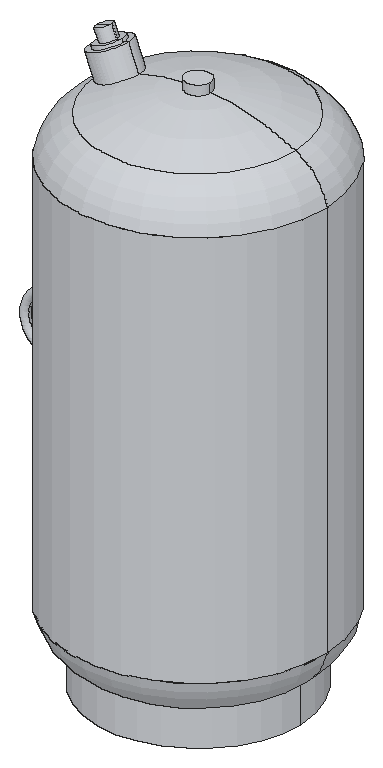
Revit family
Parameters (values of type "ST-60V-C 150# W.P. 10 BAR")
  Weight = "85 lbs"
  Tank Volume = "25 Gal"
  Tank Only = 32.563"
  Tank Height/Length = 33.688"
  Tank Diameter = 16.250"
  Pipe Connector Diameter = Pipe Connection Radius * 2  # 0.750"
  Pipe Connection Radius = 0.375"
  Model = "ST-60V-C"
  Maximum Acceptance Volume = "11.25 Gal"
  Max Operating Temp = "240 DEG F"
  Max Operating Pressure = "150 PSI"
  Manufacturer = "Amtrol"
  Lifting Ring Location = Tank Only / 2  # 16.2815"
  Bladder/Diaphragm = "Diaphragm"
  ASME = yes
Types (8): name | Weight | Tank Volume | Tank Only | Tank Height/Length | Model | Maximum Acceptance Volume | Max Operating Pressure | Lifting Ring Location
  (no name) | "85 lbs" | "25 Gal" | 32.563" | 33.688" | "ST-60V-C" | "11.25 Gal" | "150 PSI" | 16.2815"
  ST-60V-C 150# W.P. 10 BAR | "85 lbs" | "25 Gal" | 32.563" | 33.688" | "ST-60V-C" | "11.25 Gal" | "150 PSI" | 16.2815"
  ST-60V-C 175# W.P. | "115 lbs" | "25 Gal" | 32.563" | 33.688" | "ST-60V-C" | "11.25 Gal" | "175 PSI" | 16.2815"
  ST-60V-C 250# W.P. | "154 lbs" | "25 Gal" | 32.563" | 33.688" | "ST-60V-C" | "11.25 Gal" | "250 PSI" | 16.2815"
  ST-60V-C 300# W.P. | "154 lbs" | "25 Gal" | 32.563" | 33.688" | "ST-60V-C" | "11.25 Gal" | "300 PSI" | 16.2815"
  ST-70V-C 150# W.P. 10 BAR | "99 lbs" | "34 Gal" | 41.000" | 42.375" | "ST-70V-C" | "11.22 Gal" | "150 PSI" | 20.500"
  ST-70V-C 175# W.P. | "129 lbs" | "34 Gal" | 41.000" | 42.375" | "ST-70V-C" | "11.22 Gal" | "175PSI" | 20.500"
  ST-70V-C 250# W.P. | "160 lbs" | "34 Gal" | 41.000" | 42.375" | "ST-70V-C" | "11.22 Gal" | "250 PSI" | 20.500"
Reference planes (in)
  plane 1 "Center (Front/Back)": y = 1.73013
  plane 2: z = 0
  plane 3 "Center (Left/Right)": x = 0.75265
Forms (in)
  Revolve 1, solid
    sketch origin (0, 1.73013, 0) x (1, 0, 0) y (0, 0, 1)
      loop
        line (0.75265, 33.19752) -> (0.75265, 0.63452)
        arc (0.75265, 0.63452) -> (3.879, 1.01029) -> (6.84228, 2.07526) r 14
        arc (6.84228, 2.07526) -> (8.09271, 3.08951) -> (8.78106, 4.54499) r 3.62771
        line (8.78106, 4.54499) -> (8.78106, 29.31274)
        arc (8.78106, 29.31274) -> (8.0807, 30.75738) -> (6.82983, 31.76376) r 3.66308
        arc (6.82983, 31.76376) -> (3.87219, 32.82377) -> (0.75265, 33.19752) r 14
      axis (0.75265, 0.63452) -> (0.75265, 33.19752)
    angle from 0 to 360
  Revolve 2, solid
    sketch origin (0, 1.73013, 0) x (1, 0, 0) y (0, 0, 1)
      loop
        line (-5.62235, 0) -> (-5.51212, 0) -> (-5.51212, 3.13902) -> (-5.62235, 3.13902) -> (-5.62235, 0)
      axis (0.75265, 0) -> (0.75265, 3.13902)
    angle from 0 to 360
  Revolve 3, solid
    sketch origin (0, 1.73013, 0) x (1, 0, 0) y (0, 0, 1)
      loop
        line (-5.07057, 34.62613) -> (-3.95846, 31.87355) -> (-2.7839, 32.3481) -> (-3.53312, 34.20247) -> (-3.87502, 34.06433) -> (-3.94525, 34.23818) -> (-4.31432, 34.08907) -> (-4.60698, 34.81343) -> (-5.07057, 34.62613)
      axis (-5.07057, 34.62613) -> (-3.95846, 31.87355)
    angle from 0 to 360
  Sweep 4, solid
    path origin (0, 1.73013, 0) x (1, 0, 0) y (0, 0, 1)
      loop
        line (0.75265, 33.09938) -> (0.75265, 33.688)
    profile origin (0.75265, 1.73013, 33.39369) x (-1, 0, 0) y (0, -1, 0)
      loop
        circle (0, 0) r 0.75
  Sweep 5, solid
    path origin (0, 1.73013, 0) x (1, 0, 0) y (0, 0, 1)
      loop
        line (-7.22429, 18.66968) -> (-8.22429, 18.66968)
        arc (-8.22429, 18.66968) -> (-9.97429, 16.91968) -> (-8.22429, 15.16968) r 1.75
        line (-8.22429, 15.16968) -> (-7.22429, 15.16968)
    profile origin (-7.72429, 1.73013, 18.66968) x (0, 0, -1) y (0, -1, 0)
      loop
        circle (0, 0) r 0.25
Lines and regions (in)
  reference lines
    curve 1: line (0.75265, 1.73013, 0.63818) -> (0.33062, 1.73013, 0.63818)
Dimensions and locks (in)
  "Tank Only": Revolve 1 sketch curve to Revolve 1 sketch curve
  Revolve 1 sketch curve to Revolve 1 sketch curve = 10.33692"
  Revolve 1 sketch curve to level = 0.63452"
  Revolve 3 sketch curve to Revolve 1 = 2.56081"
  Revolve 3 sketch curve to Revolve 1 = 3.03536"
  Revolve 3 sketch curve to Revolve 3 sketch curve = 2.000"
  Revolve 3 sketch curve to Revolve 3 sketch curve = 2.1875"
  Revolve 3 sketch curve to Revolve 3 sketch curve = 2.96875"
  Sweep 4 sketch curve to Revolve 1 = 3.78664"
  "Tank Height/Length": Sweep 4 sketch curve to Revolve 2
  "Lifting Ring Location": Sweep 5 sketch curve to curve 1
  radius of Revolve 1 sketch curve = 14.000"
  radius of Revolve 1 sketch curve = 3.66308"
  aligned and locked: import instance to plane 1 "Center (Front/Back)"
Automatic sketch dimensions
  Revolve 1 sketch curve to plane 3 "Center (Left/Right)" = 0.000"  (x2)
  Revolve 1 sketch curve to level = 0.000"
  Revolve 1 sketch curve to plane 3 "Center (Left/Right)" = 0.09515"
  Revolve 1 sketch curve to plane 3 "Center (Left/Right)" = 0.09693"
  plane 3 "Center (Left/Right)" to Revolve 1 sketch curve = 4.4622"
  plane 3 "Center (Left/Right)" to Revolve 1 sketch curve = 4.48656"
  level to Revolve 1 sketch curve = 2.07526"
  Revolve 1 sketch curve to Revolve 1 sketch curve = 1.60307"
  Revolve 1 sketch curve to Revolve 1 sketch curve = 0.000"
  Revolve 1 sketch curve to Revolve 1 sketch curve = 1.93878"
  Revolve 1 sketch curve to Revolve 1 sketch curve = 2.92748"
  Revolve 2 sketch curve to level = 0.000"  (x2)
  Revolve 2 sketch curve to plane 3 "Center (Left/Right)" = 0.000"
  Revolve 2 sketch curve to plane 3 "Center (Left/Right)" = 6.26477"
  Revolve 2 sketch curve to Revolve 2 sketch curve = 0.11023"
  Revolve 2 sketch curve to Revolve 2 sketch curve = 3.13902"
  Revolve 2 sketch curve to Revolve 2 sketch curve = 4.54499"
  Revolve 3 sketch curve to plane 3 "Center (Left/Right)" = 5.82322"
  Revolve 3 sketch curve to Revolve 3 sketch curve = 0.000"  (x2)
  Revolve 3 sketch curve to Revolve 3 sketch curve = 0.35586"
  Revolve 3 sketch curve to Revolve 3 sketch curve = 0.07024"
  Revolve 3 sketch curve to Revolve 3 sketch curve = 0.10536"
  Revolve 3 sketch curve to Revolve 3 sketch curve = 0.3419"
  Revolve 3 sketch curve to Revolve 3 sketch curve = 0.26077"
  Sweep 4 sketch curve to plane 3 "Center (Left/Right)" = 0.000"
  plane 1 "Center (Front/Back)" to Sweep 4 sketch curve = 0.000"
  Sweep 4 sketch curve to profile plane = 0.000"
  Sweep 5 sketch curve to plane 3 "Center (Left/Right)" = 8.97694"
  Sweep 5 sketch curve to Sweep 5 sketch curve = 1.000"  (x2)
  Sweep 5 sketch curve to Sweep 5 sketch curve = 1.750"
  Sweep 5 sketch curve to plane 1 "Center (Front/Back)" = 0.000"
  Sweep 5 sketch curve to profile plane = 0.000"
  curve 1 to plane 3 "Center (Left/Right)" = 0.000"
  curve 1 to plane 3 "Center (Left/Right)" = 0.42203"
  level to curve 1 = 0.63818"
  radius of Sweep 4 sketch curve = 0.750"
  radius of Sweep 5 sketch curve = 0.250"
Connectors (in)
  piping at (0.75265, 1.73013, 33.688), driven by "Pipe Connection Radius"
    settings: on Sweep 4, index 1
